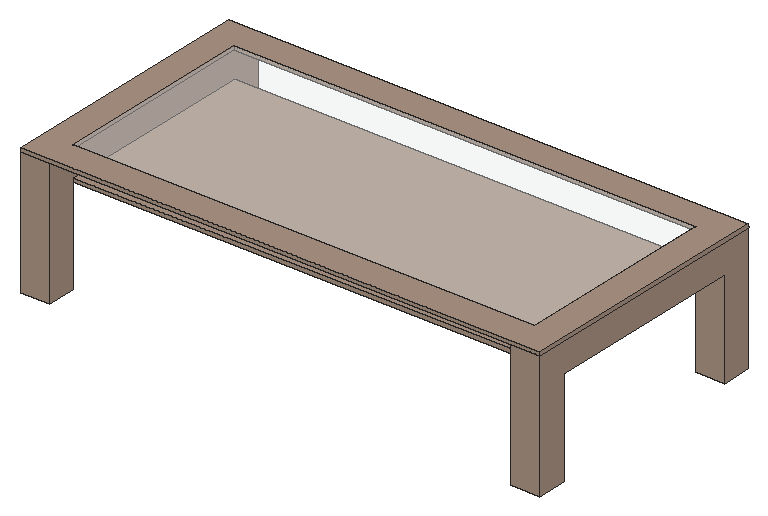
Revit family
Parameters (values of type "900 x 1800 x 450mm")
  Top Material = Glass - Clear, Grey
  Keynote = "N"
  Height = 450.00 mm
  Length = 1800.00 mm
  Width = 900.00 mm
  Frame Material = Wood - Teak
Types (4, lengths in mm): name | Top Material | Height | Length | Width
  (no name) | Glass - Clear, Grey | 450.00 | 1800.00 | 900.00
  600 x 600 x 600mm | Glass - Clear, Grey | 600.00 | 600.00 | 600.00
  800 x 700 x 600mm | Wood - Teak | 700.00 | 600.00 | 800.00
  900 x 1800 x 450mm | Glass - Clear, Grey | 450.00 | 1800.00 | 900.00
Reference planes
  plane 1 "Center (Front/Back)": y = 95.211
  plane 2: z = 0
  plane 3 "Center (Left/Right)": x = 18.266
  plane 4 "Front": y = -354.789
  plane 5 "Left": x = -881.734
  plane 6 "Right": x = 918.266
  plane 7 "Back": y = 545.211
  plane 8 "Top": z = 450
Forms (mm)
  Extrusion 1, solid, material "Wood - Teak" <- "Frame Material"
    sketch origin (0, 0, 450) x (-1, 0, 0) y (0, -1, 0)
      loop
        line (881.734, -545.211) -> (881.734, 354.789) -> (-918.266, 354.789) -> (-918.266, -545.211) -> (881.734, -545.211)
      loop
        line (780.134, -443.611) -> (780.134, 253.189) -> (-816.666, 253.189) -> (-816.666, -443.611) -> (780.134, -443.611)
    from 0 to -12.7
  Extrusion 2, solid, material "Glass - Clear, Grey"
    sketch origin (0, 0, 450) x (-1, 0, 0) y (0, -1, 0)
      loop
        line (780.134, -443.611) -> (780.134, 253.189) -> (-816.666, 253.189) -> (-816.666, -443.611) -> (780.134, -443.611)
    from 0 to -12.7
  Extrusion 3, solid, material "Wood - Teak" <- "Frame Material"
    sketch origin (-881.734, 0, 0) x (0, 0, -1) y (0, -1, 0)
      loop
        line (0, -545.211) -> (0, -443.611) -> (-335.7, -443.611) -> (-335.7, 253.189) -> (0, 253.189) -> (0, 354.789) -> (-437.3, 354.789) -> (-437.3, -545.211) -> (0, -545.211)
    from 0 to -101.6
  Extrusion 4, solid, material "Wood - Teak" <- "Frame Material"
    sketch origin (918.266, 0, 0) x (0, 0, -1) y (0, -1, 0)
      loop
        line (0, -443.611) -> (-335.7, -443.611) -> (-335.7, 253.189) -> (0, 253.189) -> (0, 354.789) -> (-437.3, 354.789) -> (-437.3, -545.211) -> (0, -545.211) -> (0, -443.611)
    from 0 to 101.6
  Extrusion 5, solid, material "Wood - Teak" <- "Frame Material"
    sketch origin (0, 0, 450) x (-1, 0, 0) y (0, -1, 0)
      loop
        line (780.134, -443.611) -> (780.134, 253.189) -> (-816.666, 253.189) -> (-816.666, -443.611) -> (780.134, -443.611)
    from -101.6 to -114.3
Lines and regions (mm)
  Masking region 1
    outline origin (0, 0, 0) x (1, 0, 0) y (0, 1, 0)
      loop
        line (-881.734, 545.211) -> (-881.734, -354.789) -> (918.266, -354.789) -> (918.266, 545.211) -> (-881.734, 545.211)
  symbolic lines, style "Furniture"
    curve 1: line (-881.734, 545.211, 0) -> (918.266, 545.211, 0)
    curve 2: line (-881.734, -354.789, 0) -> (-881.734, 545.211, 0)
    curve 3: line (918.266, -354.789, 0) -> (-881.734, -354.789, 0)
    curve 4: line (918.266, 545.211, 0) -> (918.266, -354.789, 0)
    curve 5: line (-780.134, 443.611, 0) -> (816.666, 443.611, 0)
    curve 6: line (-780.134, -253.189, 0) -> (-780.134, 443.611, 0)
    curve 7: line (816.666, -253.189, 0) -> (-780.134, -253.189, 0)
    curve 8: line (816.666, 443.611, 0) -> (816.666, -253.189, 0)
Dimensions and locks
  equal spacing: plane 5 "Left", plane 3 "Center (Left/Right)", plane 6 "Right"
  "Length": plane 5 "Left" to plane 6 "Right"
  equal spacing: plane 4 "Front", plane 1 "Center (Front/Back)", plane 7 "Back"
  "Width": plane 4 "Front" to plane 7 "Back"
  "Height": plane 2 to plane 8 "Top"
  locked: Extrusion 1 sketch curve to plane 7 "Back" at 101.6
  locked: Extrusion 1 sketch curve to plane 4 "Front" at 101.6
  locked: Extrusion 3 sketch curve to plane 8 "Top" at 114.3
  locked: Extrusion 4 sketch curve to plane 8 "Top" at 114.3
  aligned and locked: level to plane 2
  aligned and locked: Extrusion 2 sketch curve to Extrusion 1  (x4)
  aligned and locked: Extrusion 1 to Extrusion 5 sketch curve
  aligned and locked: Extrusion 5 sketch curve to Extrusion 2  (x3)
  aligned: plane 5 "Left" to Masking region 1 sketch curve
  aligned: plane 4 "Front" to Masking region 1 sketch curve
Automatic sketch dimensions
  Extrusion 1 sketch curve to plane 6 "Right" = 0.00 mm
  Extrusion 1 sketch curve to plane 4 "Front" = 0.00 mm
  Extrusion 1 sketch curve to plane 5 "Left" = 0.00 mm
  Extrusion 1 sketch curve to plane 7 "Back" = 0.00 mm
  plane 6 "Right" to Extrusion 1 sketch curve = 101.60 mm
  Extrusion 1 sketch curve to plane 5 "Left" = 101.60 mm
  Extrusion 3 sketch curve to plane 7 "Back" = 0.00 mm
  Extrusion 3 sketch curve to plane 4 "Front" = 0.00 mm
  Extrusion 3 sketch curve to level = 0.00 mm  (x2)
  plane 8 "Top" to Extrusion 3 sketch curve = 12.70 mm
  Extrusion 3 sketch curve to Extrusion 3 sketch curve = 101.60 mm  (x2)
  Extrusion 4 sketch curve to plane 4 "Front" = 0.00 mm
  Extrusion 4 sketch curve to plane 7 "Back" = 0.00 mm
  Extrusion 4 sketch curve to level = 0.00 mm  (x2)
  Extrusion 4 sketch curve to plane 4 "Front" = 101.60 mm
  plane 8 "Top" to Extrusion 4 sketch curve = 12.70 mm
  plane 7 "Back" to Extrusion 4 sketch curve = 101.60 mm
  curve 1 to plane 5 "Left" = 0.00 mm
  curve 4 to plane 4 "Front" = 0.00 mm
  curve 4 to plane 6 "Right" = 0.00 mm
  curve 2 to plane 7 "Back" = 0.00 mm
  curve 1 to curve 5 = 101.60 mm
  curve 5 to curve 1 = 101.60 mm  (x2)
  curve 2 to curve 7 = 101.60 mm
  Masking region 1 sketch curve to plane 4 "Front" = 0.00 mm
  Masking region 1 sketch curve to plane 5 "Left" = 0.00 mm
  Masking region 1 sketch curve to plane 6 "Right" = 0.00 mm
  Masking region 1 sketch curve to plane 7 "Back" = 0.00 mm
